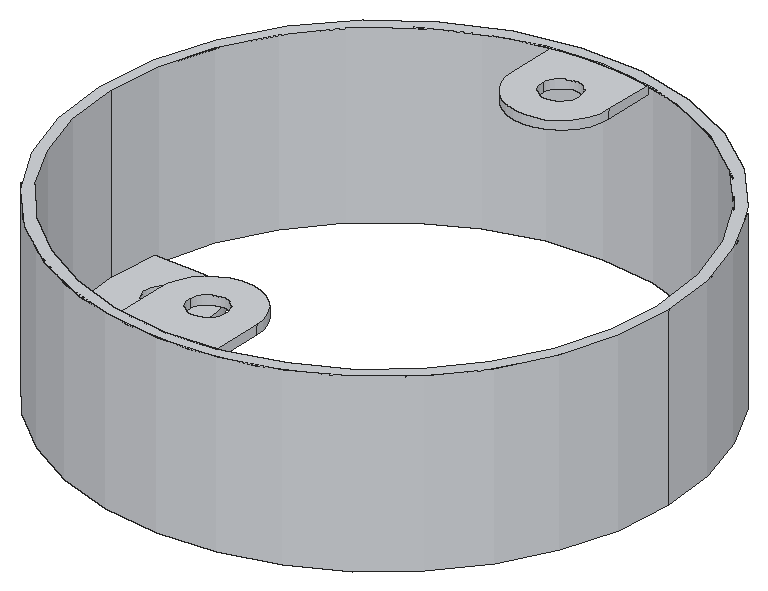
Revit family "SR20G", category Generic Models, Revit 2017
Family settings
  Can host rebar = No
  Round Connector Dimension = Use Diameter
  Part Type = Normal
  Work Plane-Based = Yes
  Always vertical = No
  Cut with Voids When Loaded = No
  Shared = No
  Room Calculation Point = No
Parameters (values of type "NBS Standard Parameters")
  Weight = "0.0445Kg"
  WarrantyStartDate [instance] = "1900-12-31T23:59:59"
  WarrantyGuarantorParts = "n/a"
  WarrantyGuarantorLabor = "n/a"
  WarrantyDurationUnit = "1 year"
  WarrantyDurationParts = "n/a"
  WarrantyDurationLabor = "n/a"
  WarrantyDescription = "n/a"
  Version = "1"
  Uniclass2 = "Pr_65_70_11_20"
  TagNumber [instance] = "n/a"
  SustainabilityPerformance = "n/a"
  Size = "20mm"
  Shape = "Circular"
  SerialNumber [instance] = "n/a"
  Revision = "n/a"
  ReplacementCost = "n/a"
  ProductInformation = "www.metpro.co.uk/pdf/sr20g.pdf"
  NominalWidth = 65 mm
  NominalLength = 65 mm
  NominalHeight = 20 mm
  Name = ""
  NBSTypeID = ""
  NBSReference = "90-55-10/460"
  NBSOfficeMasterTag = ""
  NBSNote = ""
  NBSDescription = "Conduit Fittings"
  NBSCertification = ""
  ModelReference = "SR20G"
  ModelNumber = "n/a"
  Material = "Steel"
  ManufacturerURL = "www.metpro.co.uk"
  ManufacturerName = "Metpro Ltd"
  InstallationDate [instance] = "1900-12-31T23:59:59"
  IfcExportType = ""
  IfcExportAs = ""
  Grade = "n/a"
  Finish = "BZP"
  Features = "n/a"
  ExpectedLife = "n/a"
  DurationUnit = "year"
  Description = "SR20G - 20mm Extension Ring"
  Default Elevation = 1219.2 mm
  Constituents = "n/a"
  Color = "n/a"
  CodePerformance = "n/a"
  Category = "n/a"
  BarCode [instance] = "n/a"
  BIMObjectName = "Metpro_metprolibrary_conduitfittings_metalcomponent_steelaccessories"
  Author = "Metpro Ltd"
  AssetType = ""
  AssetIdentifier [instance] = "n/a"
  AccessibilityPerformance = "n/a"
Reference planes
  plane 1 "Center (Front/Back)": y = 0
  plane 2: z = 0
  plane 3 "Center (Left/Right)": x = 0
Forms (mm)
  Extrusion 1, solid
    sketch origin (-1570.932, 414.696, 0) x (1, 0, 0) y (0, 1, 0)
      loop
        circle (0, 0) r 32.5
      loop
        circle (0, 0) r 31.25
    from 0 to 20
  Extrusion 2, solid
    sketch origin (-1570.932, 414.696, 20) x (1, 0, 0) y (0, 1, 0)
      loop
        arc (5.546, -25.174) -> (0.046, -19.674) -> (-5.454, -25.174) r 5.5
        line (-5.454, -25.174) -> (-5.454, -30.77)
        arc (-5.454, -30.77) -> (0.047, -31.25) -> (5.546, -30.754) r 31.25
        line (5.546, -30.754) -> (5.546, -25.174)
      loop
        circle (0, -25.2) r 2.1
      loop
        line (5.546, 25.174) -> (5.546, 30.754)
        arc (5.546, 30.754) -> (0.047, 31.25) -> (-5.454, 30.77) r 31.25
        line (-5.454, 30.77) -> (-5.454, 25.174)
        arc (-5.454, 25.174) -> (0.046, 19.674) -> (5.546, 25.174) r 5.5
      loop
        circle (0, 25.2) r 2.1
    from 0 to -1
  Extrusion 3, solid
    sketch origin (-1570.932, 414.696, 0) x (0, 1, 0) y (1, 0, 0)
      loop
        line (5.546, 25.174) -> (5.546, 30.754)
        arc (5.546, 30.754) -> (0.047, 31.25) -> (-5.454, 30.77) r 31.25
        line (-5.454, 30.77) -> (-5.454, 25.174)
        arc (-5.454, 25.174) -> (0.046, 19.674) -> (5.546, 25.174) r 5.5
      loop
        circle (0, 25.2) r 2.1
      loop
        arc (5.546, -25.174) -> (0.046, -19.674) -> (-5.454, -25.174) r 5.5
        line (-5.454, -25.174) -> (-5.454, -30.77)
        arc (-5.454, -30.77) -> (0.047, -31.25) -> (5.546, -30.754) r 31.25
        line (5.546, -30.754) -> (5.546, -25.174)
      loop
        circle (0, -25.2) r 2.1
    from 0 to -1
Dimensions and locks
  aligned and locked: level to plane 2
